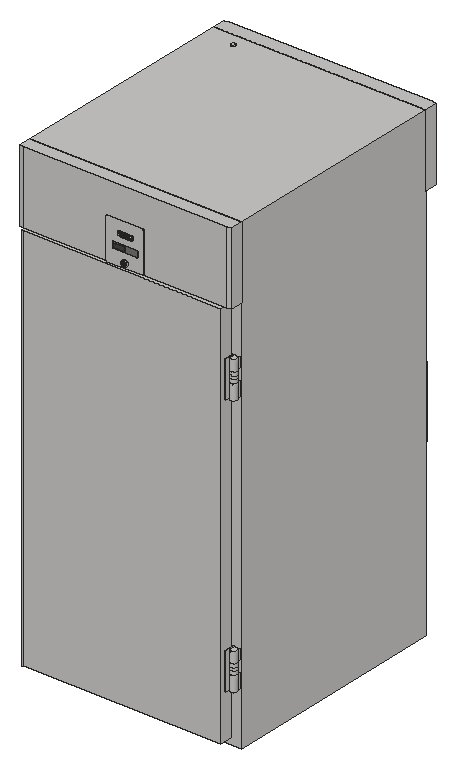
Revit family "QF_ZANUSSI_110887_ZRI16R2FGT", category Specialty Equipment, Revit 2018
Family settings
  Round Connector Dimension = Use Diameter
  Part Type = Normal
  Work Plane-Based = No
  Always vertical = Yes
  Cut with Voids When Loaded = No
  Shared = No
  Room Calculation Point = No
Parameters (values of type "Standard")
  Weight = 220.00 kg
  Watts = 46.4515 W
  Volts = 220 V
  URL Manufacturer = "http://www.zanussiprofessional.com"
  URL = "http://www.zanussiprofessional.com"
  Steam Supply Size = 0 mm
  Steam Supply Minimum Pressure = 0.0 Pa
  Steam Supply Maximum Pressure = 0.0 Pa
  Steam Pounds per Hour = 0
  Refrigeration Suction Line Size = 0 mm
  Refrigeration Liquid Line Size = 0 mm
  Refrigerant Compressor Remote = yes
  Manufacturer = "Zanussi"
  Phase = 1
  Model = "ZRI16R2FGT"
  Length Actual = 1021 mm  # constant formula
  Item Number = "110887"
  Hot Water Size = 0 mm
  Height Actual = 2272 mm  # constant formula
  HP = "0.7 HP"
  Gas Size = 0 mm
  Gas KW = 0
  Gas Input Pressure = 0 W
  Description = "1+1-GLASS DOOR ROLL-THRU REFRIGERATOR 1600LT+2°C R290"
  Depth Actual = 1249 mm  # constant formula
  Cycle = 50 Hz
  Condensate Return Size = 0 mm
  Compressed Air Volume = 0.0 L/s
  Compressed Air Size = 0 mm
  Compressed Air Pressure = 0.0 Pa
  Cold Water Size = 0 mm
  Accessory = yes
Types (2, lengths in mm): name | URL | Manufacturer | Phase | Model | Description
  (no name) | 0 | 0 | 0 | 0 | 0
  Standard | "http://www.zanussiprofessional.com" | "Zanussi" | 1 | "ZRI16R2FGT" | "1+1-GLASS DOOR ROLL-THRU REFRIGERATOR 1600LT+2°C R290"
Values of the unnamed type that differ from the named types
  Watts = 0 W
  Volts = 0 V
  URL Manufacturer = ""
  Item Number = ""
  HP = ""
  Cycle = 0 Hz
Reference planes
  plane 1: z = 0
  plane 2 "Center (Left/Right)": x = 0
  plane 3 "TOP": z = 2273
  plane 4 "LEFT": x = -510.5
  plane 5 "RIGHT": x = 510.5
  plane 6 "FRONT": y = -624.5
  plane 7 "Center (Front/Back)": y = 0
  plane 8 "BACK": y = 624.5
Forms (mm)
  Extrusion 1, solid, material "QF_Finishes_Stainless Steel"
    sketch origin (0, 0, 0) x (1, 0, 0) y (0, 1, 0)
      loop
        line (-510.5, 552.5) -> (-510.5, -552.5) -> (510.5, -552.5) -> (510.5, 552.5) -> (-510.5, 552.5)
    from 0 to 2273
  Extrusion 2, solid, material "QF_Clearances", detail levels coarse
    sketch origin (0, 0, 0) x (1, 0, 0) y (0, 1, 0)
      loop
        line (-510.5, -624.5) -> (-510.5, 674.5) -> (-560.5, 674.5) -> (-560.5, -624.5) -> (-510.5, -624.5)
      loop
        line (510.5, 674.5) -> (510.5, -624.5) -> (560.5, -624.5) -> (560.5, 674.5) -> (510.5, 674.5)
    from 0 to 2273
  Extrusion 3, solid, material "QF_Clearances", detail levels coarse
    sketch origin (0, 0, 2273) x (-1, 0, 0) y (0, -1, 0)
      loop
        line (560.5, -674.5) -> (560.5, 624.5) -> (-560.5, 624.5) -> (-560.5, -674.5) -> (560.5, -674.5)
    from 0 to 500
  Extrusion 4, void
    sketch origin (0, 624.5, 0) x (-1, 0, 0) y (0, 0, 1)
      loop
        line (435, 1876.5) -> (-435, 1876.5) -> (-435, 16.5) -> (435, 16.5) -> (435, 1876.5)
    from -72 to -1177
  Extrusion 5, void
    sketch origin (0, 624.5, 0) x (-1, 0, 0) y (0, 0, 1)
      loop
        circle (-493.5, 1667.453) r 6
      loop
        circle (-493.5, 1647.453) r 6
      loop
        circle (-493.5, 1545.547) r 6
      loop
        circle (-493.5, 1525.547) r 6
      loop
        circle (-493.5, 407.816) r 6
      loop
        circle (-493.5, 387.816) r 6
      loop
        circle (-493.5, 285.911) r 6
      loop
        circle (-493.5, 265.911) r 6
    from -80 to -72
  Extrusion 6, solid, material "QF_Finishes_Stainless Steel"
    sketch origin (0, 0, 2273) x (-1, 0, 0) y (0, -1, 0)
      loop
        circle (364.5, -487.7) r 10
    from 2 to 0
Cuts and joins
  joined: Extrusion 2, Extrusion 3
  Extrusion 4, Extrusion 5 cuts Extrusion 1
Lines and regions (mm)
  symbolic lines, style "QF_Clearances", detail levels coarse
    curve 1: line (-510.5, -624.5, 2273) -> (-560.5, -624.5, 2273)
    curve 2: line (-560.5, -624.5, 2273) -> (-560.5, 624.5, 2273)
    curve 3: line (560.5, 624.5, 2273) -> (560.5, -624.5, 2273)
    curve 4: line (560.5, -624.5, 2273) -> (510.5, -624.5, 2273)
  symbolic lines, style "QF_Clearances"
    curve 5: line (-560.5, 624.5, 2273) -> (-510.5, 624.5, 2273)
    curve 6: line (510.5, 624.5, 2273) -> (560.5, 624.5, 2273)
Dimensions and locks
  equal spacing: plane 4 "LEFT", plane 2 "Center (Left/Right)", plane 5 "RIGHT"
  plane 4 "LEFT" to plane 5 "RIGHT" = 1021 mm
  plane 3 "TOP" to plane 1 = 2273 mm
  equal spacing: plane 5 "RIGHT", plane 2 "Center (Left/Right)", plane 4 "LEFT"
  cut or joined group of Extrusion 1, Extrusion 4, Extrusion 5 to cut or joined group of Extrusion 1, Extrusion 4, Extrusion 5 = 870 mm
  cut or joined group of Extrusion 2, Extrusion 3 to plane 3 "TOP" = 500 mm
  cut or joined group of Extrusion 2, Extrusion 3 to plane 4 "LEFT" = 50 mm
  cut or joined group of Extrusion 1, Extrusion 4, Extrusion 5 to cut or joined group of Extrusion 2, Extrusion 3 = 50 mm
  plane 5 "RIGHT" to plane 4 "LEFT" = 1021 mm
  equal spacing: plane 8 "BACK", plane 7 "Center (Front/Back)", plane 6 "FRONT"
  plane 8 "BACK" to plane 6 "FRONT" = 1249 mm
  nested 3 to nested 2 = 3108 mm
  aligned and locked: level to plane 1
Automatic sketch dimensions
  Extrusion 1 sketch curve to plane 4 "LEFT" = 0 mm
  Extrusion 1 sketch curve to plane 5 "RIGHT" = 0 mm
  Extrusion 3 sketch curve to Extrusion 3 sketch curve = 1121 mm
  Extrusion 2 sketch curve to plane 4 "LEFT" = 0 mm
  Extrusion 2 sketch curve to plane 5 "RIGHT" = 0 mm
  Extrusion 2 sketch curve to Extrusion 2 sketch curve = 50 mm  (x2)
  Extrusion 3 sketch curve to plane 5 "RIGHT" = 50 mm
  plane 6 "FRONT" to Extrusion 1 sketch curve = 72 mm
  Extrusion 1 sketch curve to Extrusion 1 sketch curve = 1105 mm
  Extrusion 2 sketch curve to plane 6 "FRONT" = 0 mm  (x2)
  Extrusion 2 sketch curve to Extrusion 2 sketch curve = 1299 mm
  Extrusion 2 sketch curve to Extrusion 2 sketch curve = 0 mm
  Extrusion 3 sketch curve to plane 6 "FRONT" = 0 mm
  Extrusion 3 sketch curve to Extrusion 3 sketch curve = 1299 mm
  level to Extrusion 4 sketch curve = 16.5 mm
  plane 4 "LEFT" to Extrusion 4 sketch curve = 75.5 mm
  Extrusion 4 sketch curve to plane 3 "TOP" = 396.5 mm
  Extrusion 6 sketch curve to plane 8 "BACK" = 136.8 mm
  plane 4 "LEFT" to Extrusion 6 sketch curve = 146 mm
  plane 5 "RIGHT" to Extrusion 5 sketch curve = 17 mm  (x8)
  level to Extrusion 5 sketch curve = 265.911 mm
  Extrusion 5 sketch curve to Extrusion 5 sketch curve = 20 mm  (x4)
  Extrusion 5 sketch curve to Extrusion 5 sketch curve = 101.905 mm  (x2)
  Extrusion 5 sketch curve to plane 3 "TOP" = 747.453 mm
  curve 4 to plane 6 "FRONT" = 0 mm
  curve 3 to plane 8 "BACK" = 0 mm
  curve 6 to plane 5 "RIGHT" = 0 mm
  curve 4 to plane 5 "RIGHT" = 0 mm
  curve 5 to plane 4 "LEFT" = 0 mm
  curve 1 to plane 4 "LEFT" = 0 mm
  curve 5 to plane 8 "BACK" = 0 mm
  curve 1 to plane 6 "FRONT" = 0 mm
  curve 3 to plane 5 "RIGHT" = 50 mm
  curve 5 to curve 5 = 50 mm
  plane 5 "RIGHT" to Extrusion 4 sketch curve = 75.5 mm
  radius of Extrusion 6 sketch curve = 10 mm
  radius of Extrusion 5 sketch curve = 6 mm  (x8)
Nested families
  nested 1: "Refrigerator" at (370, -442.5, 110), type "Refrigerator"
  nested 2: "QF_110887_GlassDoor" at (0, 552.5, 1129.637) x (-1, 0, 0) z (0, 1, 0), type "QF_110887_GlassDoor"
    with Show Clearance yes
  nested 3: "QF_110887_Door" at (0, -552.5, 1129.637) x (1, 0, 0) z (0, -1, 0), type "QF_110887_Door"
    with Show Clearance yes
Connectors
  electrical at (-364.5, 487.7, 2275), driven by "Volts"
    settings: on Extrusion 6, index 1, voltage 220 V, apparent load 0 VA, apparent load phase1 0 VA, apparent load phase2 0 VA, apparent load phase3 0 VA, power factor 1, load classification "Other", number of poles 1, system type 30, power factor state 1, is connector primary yes, connector utility no, sub classification motor no, connector description "Electrical Connection"
Definition of nested family "QF_110887_GlassDoor"
  Parameters
    Show Clearance [instance] = yes
    Model = "725102"
    Default Elevation = 1219.2 mm
  Reference planes
    plane 1 "Center (Front/Back)": y = 6.863
    plane 2: z = 0
    plane 3 "Center (Left/Right)": x = 0
  Forms (mm)
    Extrusion 1, solid
      sketch origin (0, -919.2, 0) x (1, 0, 0) y (0, 1, 0)
        loop
          line (-1100, 2726.7) -> (-1100, -663.873) -> (1016.701, -663.873) -> (1016.701, 2726.7) -> (-1100, 2726.7)
      from 0 to -59.546
    Extrusion 2, solid
      sketch origin (0, 6.863, 0) x (1, 0, 0) y (0, 0, 1)
        loop
          line (-510.5, 60.667) -> (-510.5, 0) -> (510.5, 0) -> (510.5, 60.667) -> (490.5, 66) -> (-490.5, 66) -> (-510.5, 60.667)
      from -1136.5 to -786.5
    Extrusion 3, solid
      sketch origin (0, 6.863, 0) x (1, 0, 0) y (0, 0, 1)
        loop
          line (-459.5, 0) -> (457.5, 0) -> (457.5, 8) -> (461.5, 8) -> (461.5, 53) -> (-463.5, 53) -> (-463.5, 8) -> (-459.5, 8) -> (-459.5, 0)
      from -775 to 1105
    Extrusion 4, solid, detail levels coarse
      sketch origin (154.5, 1013.369, -334) x (-1, 0, 0) y (0, 0, -1)
        loop
          line (-365, -352) -> (-365, -1314) -> (-312, -1314) -> (-312, -400) -> (-351, -400) -> (-351, -352) -> (-365, -352)
      from 2110.506 to 232.142
    Extrusion 5, solid, detail levels coarse
      sketch origin (171.5, 1121.732, -334) x (1, 0, 0) y (0, 0, 1)
        loop
          arc (295, 1314) -> (-326.335, 1017.414) -> (-631, 400) r 1051.534
          line (-631, 400) -> (295, 400) -> (295, 1314)
      from 2219.869 to 339.869
    Extrusion 6, solid
      sketch origin (-4, 6.863, 0) x (1, 0, 0) y (0, 0, 1)
        loop
          line (465.5, 46) -> (465.5, 0) -> (474.5, 0) -> (474.5, 46) -> (465.5, 46)
      from -550 to -375
    Extrusion 7, solid
      sketch origin (-4, 6.863, -15.333) x (1, 0, 0) y (0, 0, 1)
        loop
          arc (501.5, 23.843) -> (491.5, 52.333) -> (481.5, 23.843) r 16
          line (481.5, 23.843) -> (481.5, 15.333) -> (501.5, 15.333) -> (501.5, 23.843)
      from -500 to -550
    Extrusion 8, solid
      sketch origin (451.167, 6.863, 512.5) x (0, 0, -1) y (1, 0, 0)
        loop
          arc (501.5, 23.843) -> (491.5, 52.333) -> (481.5, 23.843) r 16
          line (481.5, 23.843) -> (481.5, 19.333) -> (501.5, 19.333) -> (501.5, 23.843)
      from -482 to -500
    Extrusion 9, solid
      sketch origin (-4, 6.863, -15.333) x (1, 0, 0) y (0, 0, 1)
        loop
          arc (501.5, 23.843) -> (491.5, 52.333) -> (481.5, 23.843) r 16
          line (481.5, 23.843) -> (481.5, 15.333) -> (501.5, 15.333) -> (501.5, 23.843)
      from -445 to -375
    Extrusion 10, solid
      sketch origin (451.167, 6.863, 512.5) x (0, 0, -1) y (1, 0, 0)
        loop
          arc (501.5, 23.843) -> (491.5, 52.333) -> (481.5, 23.843) r 16
          line (481.5, 23.843) -> (481.5, 19.333) -> (501.5, 19.333) -> (501.5, 23.843)
      from -469 to -482
    Extrusion 11, solid
      sketch origin (451.167, 6.863, 512.5) x (0, 0, -1) y (1, 0, 0)
        loop
          arc (501.5, 23.843) -> (491.5, 52.333) -> (481.5, 23.843) r 16
          line (481.5, 23.843) -> (481.5, 19.333) -> (501.5, 19.333) -> (501.5, 23.843)
      from -451 to -469
    Extrusion 12, solid
      sketch origin (-4, 6.863, 0) x (1, 0, 0) y (0, 0, 1)
        loop
          circle (491.5, 21) r 12
      from -451 to -445
    Extrusion 13, solid
      sketch origin (-4, -1252.773, 0) x (1, 0, 0) y (0, 0, 1)
        loop
          line (465.5, 46) -> (465.5, 0) -> (474.5, 0) -> (474.5, 46) -> (465.5, 46)
      from -550 to -375
    Extrusion 14, solid
      sketch origin (-4, -1252.773, -15.333) x (1, 0, 0) y (0, 0, 1)
        loop
          arc (501.5, 23.843) -> (491.5, 52.333) -> (481.5, 23.843) r 16
          line (481.5, 23.843) -> (481.5, 15.333) -> (501.5, 15.333) -> (501.5, 23.843)
      from -500 to -550
    Extrusion 15, solid
      sketch origin (451.167, -1252.773, 512.5) x (0, 0, -1) y (1, 0, 0)
        loop
          arc (501.5, 23.843) -> (491.5, 52.333) -> (481.5, 23.843) r 16
          line (481.5, 23.843) -> (481.5, 19.333) -> (501.5, 19.333) -> (501.5, 23.843)
      from -482 to -500
    Extrusion 16, solid
      sketch origin (-4, -1252.773, -15.333) x (1, 0, 0) y (0, 0, 1)
        loop
          arc (501.5, 23.843) -> (491.5, 52.333) -> (481.5, 23.843) r 16
          line (481.5, 23.843) -> (481.5, 15.333) -> (501.5, 15.333) -> (501.5, 23.843)
      from -445 to -375
    Extrusion 17, solid
      sketch origin (451.167, -1252.773, 512.5) x (0, 0, -1) y (1, 0, 0)
        loop
          arc (501.5, 23.843) -> (491.5, 52.333) -> (481.5, 23.843) r 16
          line (481.5, 23.843) -> (481.5, 19.333) -> (501.5, 19.333) -> (501.5, 23.843)
      from -469 to -482
    Extrusion 18, solid
      sketch origin (451.167, -1252.773, 512.5) x (0, 0, -1) y (1, 0, 0)
        loop
          arc (501.5, 23.843) -> (491.5, 52.333) -> (481.5, 23.843) r 16
          line (481.5, 23.843) -> (481.5, 19.333) -> (501.5, 19.333) -> (501.5, 23.843)
      from -451 to -469
    Extrusion 19, solid
      sketch origin (-4, -1252.773, 0) x (1, 0, 0) y (0, 0, 1)
        loop
          circle (491.5, 21) r 12
      from -451 to -445
    Extrusion 20, void
      sketch origin (0, 0, 0) x (1, 0, 0) y (0, 1, 0)
        loop
          line (-428.5, 746.863) -> (-428.5, -1063.137) -> (426.5, -1063.137) -> (426.5, 746.863) -> (-428.5, 746.863)
      from 0 to 66
    Extrusion 21, solid
      sketch origin (0, 0, 0) x (1, 0, 0) y (0, 1, 0)
        loop
          line (-428.5, 746.863) -> (-428.5, -1063.137) -> (426.5, -1063.137) -> (426.5, 746.863) -> (-428.5, 746.863)
      from 53 to 43
    Extrusion 22, solid
      sketch origin (0, -36.965, 0) x (0, 1, 0) y (0, 0, 1)
        loop
          line (43.082, 67.001) -> (-300.013, 67.001) -> (-300.759, 65.401) -> (43.829, 65.401) -> (43.082, 67.001)
      from -463.5 to -443.177
    Extrusion 23, void
      sketch origin (0, -36.965, 0) x (0, 1, 0) y (0, 0, 1)
        loop
          line (61.535, 13.875) -> (61.535, 48.875) -> (51.535, 48.875) -> (43.082, 67.001) -> (-300.013, 67.001) -> (-308.465, 48.875) -> (-318.465, 48.875) -> (-318.465, 13.875) -> (61.535, 13.875)
      from -459.5 to -463.5
    Extrusion 24, solid
      sketch origin (0, -36.965, 0) x (0, 1, 0) y (0, 0, 1)
        loop
          line (51.535, 48.875) -> (43.082, 67.001) -> (-300.013, 67.001) -> (-308.465, 48.875) -> (-318.465, 48.875) -> (-318.465, 13.875) -> (61.535, 13.875) -> (61.535, 48.875) -> (51.535, 48.875)
        loop
          circle (-273.41, 32.257) r 5.995
        loop
          circle (-273.41, 32.257) r 5
        loop
          circle (11.59, 32.257) r 6
        loop
          circle (11.59, 32.257) r 5
      from -463.5 to -459.5
    Extrusion 25, solid
      sketch origin (0, 0, 0) x (1, 0, 0) y (0, 1, 0)
        loop
          circle (-493.5, -721.821) r 6
        loop
          circle (-493.5, -741.821) r 6
        loop
          circle (-493.5, -863.726) r 6
        loop
          circle (-493.5, -843.726) r 6
      from -4 to -8
    Extrusion 26, solid
      sketch origin (0, 1259.637, 0) x (1, 0, 0) y (0, 1, 0)
        loop
          circle (-493.5, -721.821) r 6
        loop
          circle (-493.5, -741.821) r 6
        loop
          circle (-493.5, -863.726) r 6
        loop
          circle (-493.5, -843.726) r 6
      from -4 to -8
  Cuts and joins
    Extrusion 20, Extrusion 23 cuts Extrusion 3
    Extrusion 20 cuts Extrusion 5
    Extrusion 23 cuts Extrusion 21
    Extrusion 23 cuts Extrusion 22
    joined: Extrusion 22, Extrusion 24
  Lines and regions (mm)
    symbolic lines
      curve 1: line (-510.5, 6.863, 0) -> (-510.5, 6.863, 60.667)
      curve 2: line (510.5, 6.863, 0) -> (-510.5, 6.863, 0)
      curve 3: line (519.5, 6.863, 18) -> (519.5, 6.863, 980)
      curve 4: line (510.5, 6.863, 18) -> (519.5, 6.863, 18)
      curve 5: line (-490.5, 6.863, 66) -> (-510.5, 6.863, 60.667)
      curve 6: line (490.5, 6.863, 66) -> (-490.5, 6.863, 66)
      curve 7: line (510.5, 6.863, 60.667) -> (490.5, 6.863, 66)
      curve 8: line (510.5, 6.863, 60.667) -> (510.5, 6.863, 0)
      curve 9: line (466.5, 6.863, 66) -> (466.5, 6.863, 977)
      curve 10: line (519.5, 6.863, 980) -> (466.5, 6.863, 980)
      curve 11: arc (466.5, 6.863, 980) -> (-154.835, 6.863, 683.414) -> (-459.5, 6.863, 66) r 1051.534
  Dimensions and locks
    aligned and locked: plane 2 to Extrusion 1
    aligned and locked: level to Extrusion 1
  Nested families
    nested 1: "QF_DisplayNewRollCabinets_ZAN" at (0, 893.363, 66), type "QF_DisplayNewRollCabinets_ZAN"
      with Show Clearance yes
  Definition of nested family "QF_DisplayNewRollCabinets_ZAN"
    Parameters
      Show Clearance [instance] = yes
      Model = "728658"
      Default Elevation = 1219.2 mm
    Reference planes
      plane 1 "Center (Front/Back)": y = 0
      plane 2: z = 0
      plane 3 "Center (Left/Right)": x = 0
    Forms (mm)
      Extrusion 1, solid
        sketch origin (0, -919.2, 0) x (1, 0, 0) y (0, 1, 0)
          loop
            line (-198.75, 1146.2) -> (-198.75, 709.567) -> (165.741, 709.567) -> (165.741, 1146.2) -> (-198.75, 1146.2)
        from 0 to -59.546
      Extrusion 2, solid
        sketch origin (-59, -79.611, 0) x (0, 1, 0) y (-1, 0, 0)
          loop
            circle (0.611, -59) r 14
          loop
            circle (0.611, -59) r 10
        from 1.6 to 6
      Extrusion 3, solid
        sketch origin (744.635, 285.889, 0) x (0, 1, 0) y (-1, 0, 0)
          loop
            circle (-364.889, 744.635) r 10
          loop
            circle (-364.889, 744.635) r 9
        from 1.6 to 6
      Extrusion 4, solid
        sketch origin (744.635, 285.889, 0) x (0, 1, 0) y (-1, 0, 0)
          loop
            circle (-364.889, 744.635) r 8.7
        from 1.6 to 6
      Extrusion 5, void
        sketch origin (744.635, 285.889, 0) x (0, 1, 0) y (-1, 0, 0)
          loop
            line (-372.339, 745.885) -> (-372.339, 743.385) -> (-362.339, 743.385) -> (-362.339, 745.885) -> (-372.339, 745.885)
        from 3 to 7
      Extrusion 6, solid
        sketch origin (0, 0, 0) x (1, 0, 0) y (0, 1, 0)
          loop
            arc (-90, -95) -> (-88.536, -98.536) -> (-85, -100) r 5
            line (-85, -100) -> (85, -100)
            arc (85, -100) -> (88.536, -98.536) -> (90, -95) r 5
            line (90, -95) -> (90, 95)
            arc (90, 95) -> (88.536, 98.536) -> (85, 100) r 5
            line (85, 100) -> (-85, 100)
            arc (-85, 100) -> (-88.536, 98.536) -> (-90, 95) r 5
            line (-90, 95) -> (-90, -95)
          loop
            line (-60, -3.798) -> (-60, -32.827) -> (60, -32.827) -> (60, -3.798) -> (-60, -3.798)
        from 0 to 1.6
      Extrusion 7, solid
        sketch origin (0, 0, 0) x (1, 0, 0) y (0, 1, 0)
          loop
            line (-60, -3.798) -> (-60, -32.827) -> (60, -32.827) -> (60, -3.798) -> (-60, -3.798)
          loop
            line (-56.428, -8.037) -> (-56.428, -28.331) -> (0, -28.331) -> (0, -8.037) -> (-56.428, -8.037)
        from 0 to 1.6
      Extrusion 8, solid
        sketch origin (0, 0, 0) x (1, 0, 0) y (0, 1, 0)
          loop
            line (-56.428, -8.037) -> (-56.428, -28.331) -> (0, -28.331) -> (0, -8.037) -> (-56.428, -8.037)
        from 0 to 1.6
      Extrusion 9, solid
        sketch origin (0, 15, 0) x (1, 0, 0) y (0, 1, 0)
          loop
            line (-24.658, 16.724) -> (-24.658, 20.689) -> (-30.605, 20.689) -> (-24.658, 32.81) -> (-24.658, 36.095) -> (-34.514, 36.095) -> (-34.514, 32.47) -> (-29.303, 32.583) -> (-34.967, 20.689) -> (-34.967, 16.724) -> (-24.658, 16.724)
          loop
            line (-18.968, 23.974) -> (-16.702, 23.974) -> (-17.835, 32.784) -> (-18.968, 23.974)
          loop
            line (-19.988, 16.724) -> (-19.421, 20.462) -> (-16.136, 20.462) -> (-15.57, 16.724) -> (-11.491, 16.724) -> (-15.116, 36.095) -> (-20.554, 36.095) -> (-24.066, 16.724) -> (-19.988, 16.724)
          loop
            line (-10.989, 36.095) -> (-10.989, 16.724) -> (-7.478, 16.724) -> (-7.478, 29.525) -> (-4.192, 16.724) -> (0.113, 16.724) -> (0.113, 36.095) -> (-3.512, 36.095) -> (-3.512, 23.747) -> (-6.798, 36.095) -> (-10.989, 36.095)
          loop
            arc (1.019, 21.515) -> (5.865, 16.692) -> (11.328, 20.802) r 5.22
            line (11.328, 20.802) -> (11.328, 36.095) -> (7.363, 36.095) -> (7.363, 21.708)
            arc (7.363, 21.708) -> (6.321, 20.507) -> (4.984, 21.368) r 1.214
            line (4.984, 21.368) -> (4.984, 36.095) -> (1.019, 36.095) -> (1.019, 21.515)
          loop
            line (18.691, 29.978) -> (22.43, 29.978) -> (22.491, 31.739)
            arc (22.491, 31.739) -> (22.231, 33.702) -> (20.999, 35.254) r 3.719
            arc (20.999, 35.254) -> (17.381, 36.433) -> (13.762, 35.254) r 6.139
            arc (13.762, 35.254) -> (12.287, 32.389) -> (12.47, 29.172) r 6.125
            arc (12.47, 29.172) -> (13.682, 27.393) -> (15.169, 25.838) r 13.068
            line (15.169, 25.838) -> (16.84, 24.357)
            arc (16.84, 24.357) -> (17.826, 23.519) -> (18.593, 22.477) r 5.571
            arc (18.593, 22.477) -> (18.403, 20.654) -> (16.617, 20.247) r 1.573
            arc (16.617, 20.247) -> (16.079, 20.792) -> (15.849, 21.521) r 1.631
            arc (15.849, 21.521) -> (15.831, 22.035) -> (15.849, 22.549) r 7.441
            arc (15.849, 22.549) -> (15.866, 23.035) -> (15.849, 23.521) r 7.03
            line (15.849, 23.521) -> (11.894, 23.521)
            arc (11.894, 23.521) -> (11.932, 20.748) -> (13.025, 18.199) r 7.131
            arc (13.025, 18.199) -> (18.19, 16.728) -> (22.54, 19.877) r 6.148
            arc (22.54, 19.877) -> (22.619, 23.128) -> (21.224, 26.067) r 7.021
            line (21.224, 26.067) -> (16.879, 29.978)
            arc (16.879, 29.978) -> (16.291, 30.717) -> (15.976, 31.606) r 2.858
            arc (15.976, 31.606) -> (17.094, 33.203) -> (18.691, 32.085) r 1.379
            line (18.691, 32.085) -> (18.691, 29.978)
          loop
            line (29.989, 29.978) -> (33.728, 29.978) -> (33.789, 31.739)
            arc (33.789, 31.739) -> (33.529, 33.702) -> (32.297, 35.254) r 3.719
            arc (32.297, 35.254) -> (28.679, 36.433) -> (25.061, 35.254) r 6.139
            arc (25.061, 35.254) -> (23.585, 32.389) -> (23.768, 29.172) r 6.125
            arc (23.768, 29.172) -> (24.98, 27.393) -> (26.468, 25.838) r 13.068
            line (26.468, 25.838) -> (28.138, 24.357)
            arc (28.138, 24.357) -> (29.125, 23.519) -> (29.892, 22.477) r 5.571
            arc (29.892, 22.477) -> (29.702, 20.654) -> (27.915, 20.247) r 1.573
            arc (27.915, 20.247) -> (27.378, 20.792) -> (27.147, 21.521) r 1.631
            arc (27.147, 21.521) -> (27.13, 22.035) -> (27.147, 22.549) r 7.441
            arc (27.147, 22.549) -> (27.164, 23.035) -> (27.147, 23.521) r 7.03
            line (27.147, 23.521) -> (23.192, 23.521)
            arc (23.192, 23.521) -> (23.231, 20.748) -> (24.324, 18.199) r 7.131
            arc (24.324, 18.199) -> (29.488, 16.728) -> (33.838, 19.877) r 6.148
            arc (33.838, 19.877) -> (33.917, 23.128) -> (32.523, 26.067) r 7.021
            line (32.523, 26.067) -> (28.177, 29.978)
            arc (28.177, 29.978) -> (27.589, 30.717) -> (27.274, 31.606) r 2.858
            arc (27.274, 31.606) -> (28.393, 33.203) -> (29.989, 32.085) r 1.379
            line (29.989, 32.085) -> (29.989, 29.978)
          loop
            line (34.551, 36.095) -> (34.551, 16.724) -> (38.516, 16.724) -> (38.516, 36.095) -> (34.551, 36.095)
        from 1.6 to 3.2
      Extrusion 10, solid
        sketch origin (0, 0, 0) x (1, 0, 0) y (0, 1, 0)
          loop
            line (1.25, -86.45) -> (1.25, -76.45) -> (-1.25, -76.45) -> (-1.25, -86.45) -> (1.25, -86.45)
        from 1.6 to 6
    Cuts and joins
      Extrusion 5 cuts Extrusion 4
    Lines and regions (mm)
      symbolic lines
        curve 1: line (52.518, 0, 4) -> (-53.037, 0, 4)
        curve 2: line (40, 0, 4) -> (40, 0, 6)
        curve 3: line (40, 0, 6) -> (-40, 0, 6)
        curve 4: line (-40, 0, 6) -> (-40, 0, 4)
        curve 5: line (-64.765, 0, 0) -> (-53.037, 0, 4)
        curve 6: line (52.518, 0, 4) -> (64.135, 0, 0)
    Dimensions and locks
      aligned and locked: plane 2 to Extrusion 1
      aligned and locked: level to Extrusion 1
Definition of nested family "QF_110887_Door"
  Parameters
    Show Clearance [instance] = yes
    Model = "725103"
    Default Elevation = 1219.2 mm
  Reference planes
    plane 1 "Center (Front/Back)": y = 6.863
    plane 2: z = 0
    plane 3 "Center (Left/Right)": x = 0
  Forms (mm)
    Extrusion 1, solid
      sketch origin (0, -919.2, 0) x (1, 0, 0) y (0, 1, 0)
        loop
          line (-1100, 2726.7) -> (-1100, -663.873) -> (1016.701, -663.873) -> (1016.701, 2726.7) -> (-1100, 2726.7)
      from 0 to -59.546
    Extrusion 2, solid
      sketch origin (0, 6.863, 0) x (1, 0, 0) y (0, 0, 1)
        loop
          line (-510.5, 60.667) -> (-510.5, 0) -> (510.5, 0) -> (510.5, 60.667) -> (490.5, 66) -> (-490.5, 66) -> (-510.5, 60.667)
      from -1136.5 to -786.5
    Extrusion 3, solid
      sketch origin (0, 6.863, 0) x (1, 0, 0) y (0, 0, 1)
        loop
          line (-498.5, 26) -> (-483.5, 26) -> (-483.5, 8) -> (-465.5, 8) -> (-465.5, 0) -> (457.5, 0) -> (457.5, 8) -> (461.5, 8) -> (461.5, 66) -> (-490.5, 66) -> (-498.5, 63.867) -> (-498.5, 26)
      from -775 to 1105
    Extrusion 4, solid, detail levels coarse
      sketch origin (154.5, 1013.369, -334) x (-1, 0, 0) y (0, 0, -1)
        loop
          line (-367, -352) -> (-367, -1357) -> (-329, -1357) -> (-329, -1332) -> (-311, -1332) -> (-311, -1314) -> (-303, -1314) -> (-303, -400) -> (-351, -400) -> (-351, -352) -> (-367, -352)
      from 2110.506 to 232.142
    Extrusion 5, solid, detail levels coarse
      sketch origin (171.5, 1121.732, -334) x (1, 0, 0) y (0, 0, 1)
        loop
          line (286, 400) -> (286, 1314) -> (294, 1314) -> (294, 1332) -> (312, 1332) -> (312, 1357)
          arc (312, 1357) -> (-374.716, 1077.143) -> (-677, 400) r 994.692
          line (-677, 400) -> (286, 400)
      from 2219.869 to 339.869
    Extrusion 6, solid
      sketch origin (-4, 6.863, 0) x (1, 0, 0) y (0, 0, 1)
        loop
          line (465.5, 46) -> (465.5, 0) -> (474.5, 0) -> (474.5, 46) -> (465.5, 46)
      from -550 to -375
    Extrusion 7, solid
      sketch origin (-4, 6.863, -15.333) x (1, 0, 0) y (0, 0, 1)
        loop
          arc (501.5, 23.843) -> (491.5, 52.333) -> (481.5, 23.843) r 16
          line (481.5, 23.843) -> (481.5, 15.333) -> (501.5, 15.333) -> (501.5, 23.843)
      from -500 to -550
    Extrusion 8, solid
      sketch origin (451.167, 6.863, 512.5) x (0, 0, -1) y (1, 0, 0)
        loop
          arc (501.5, 23.843) -> (491.5, 52.333) -> (481.5, 23.843) r 16
          line (481.5, 23.843) -> (481.5, 19.333) -> (501.5, 19.333) -> (501.5, 23.843)
      from -482 to -500
    Extrusion 9, solid
      sketch origin (-4, 6.863, -15.333) x (1, 0, 0) y (0, 0, 1)
        loop
          arc (501.5, 23.843) -> (491.5, 52.333) -> (481.5, 23.843) r 16
          line (481.5, 23.843) -> (481.5, 15.333) -> (501.5, 15.333) -> (501.5, 23.843)
      from -445 to -375
    Extrusion 10, solid
      sketch origin (451.167, 6.863, 512.5) x (0, 0, -1) y (1, 0, 0)
        loop
          arc (501.5, 23.843) -> (491.5, 52.333) -> (481.5, 23.843) r 16
          line (481.5, 23.843) -> (481.5, 19.333) -> (501.5, 19.333) -> (501.5, 23.843)
      from -469 to -482
    Extrusion 11, solid
      sketch origin (451.167, 6.863, 512.5) x (0, 0, -1) y (1, 0, 0)
        loop
          arc (501.5, 23.843) -> (491.5, 52.333) -> (481.5, 23.843) r 16
          line (481.5, 23.843) -> (481.5, 19.333) -> (501.5, 19.333) -> (501.5, 23.843)
      from -451 to -469
    Extrusion 12, solid
      sketch origin (-4, 6.863, 0) x (1, 0, 0) y (0, 0, 1)
        loop
          circle (491.5, 21) r 12
      from -451 to -445
    Extrusion 13, solid
      sketch origin (-4, -1252.773, 0) x (1, 0, 0) y (0, 0, 1)
        loop
          line (465.5, 46) -> (465.5, 0) -> (474.5, 0) -> (474.5, 46) -> (465.5, 46)
      from -550 to -375
    Extrusion 14, solid
      sketch origin (-4, -1252.773, -15.333) x (1, 0, 0) y (0, 0, 1)
        loop
          arc (501.5, 23.843) -> (491.5, 52.333) -> (481.5, 23.843) r 16
          line (481.5, 23.843) -> (481.5, 15.333) -> (501.5, 15.333) -> (501.5, 23.843)
      from -500 to -550
    Extrusion 15, solid
      sketch origin (451.167, -1252.773, 512.5) x (0, 0, -1) y (1, 0, 0)
        loop
          arc (501.5, 23.843) -> (491.5, 52.333) -> (481.5, 23.843) r 16
          line (481.5, 23.843) -> (481.5, 19.333) -> (501.5, 19.333) -> (501.5, 23.843)
      from -482 to -500
    Extrusion 16, solid
      sketch origin (-4, -1252.773, -15.333) x (1, 0, 0) y (0, 0, 1)
        loop
          arc (501.5, 23.843) -> (491.5, 52.333) -> (481.5, 23.843) r 16
          line (481.5, 23.843) -> (481.5, 15.333) -> (501.5, 15.333) -> (501.5, 23.843)
      from -445 to -375
    Extrusion 17, solid
      sketch origin (451.167, -1252.773, 512.5) x (0, 0, -1) y (1, 0, 0)
        loop
          arc (501.5, 23.843) -> (491.5, 52.333) -> (481.5, 23.843) r 16
          line (481.5, 23.843) -> (481.5, 19.333) -> (501.5, 19.333) -> (501.5, 23.843)
      from -469 to -482
    Extrusion 18, solid
      sketch origin (451.167, -1252.773, 512.5) x (0, 0, -1) y (1, 0, 0)
        loop
          arc (501.5, 23.843) -> (491.5, 52.333) -> (481.5, 23.843) r 16
          line (481.5, 23.843) -> (481.5, 19.333) -> (501.5, 19.333) -> (501.5, 23.843)
      from -451 to -469
    Extrusion 19, solid
      sketch origin (-4, -1252.773, 0) x (1, 0, 0) y (0, 0, 1)
        loop
          circle (491.5, 21) r 12
      from -451 to -445
  Lines and regions (mm)
    symbolic lines
      curve 1: line (-510.5, 6.863, 0) -> (-510.5, 6.863, 60.667)
      curve 2: line (510.5, 6.863, 0) -> (-510.5, 6.863, 0)
      curve 3: line (521.5, 6.863, 18) -> (521.5, 6.863, 1023)
      curve 4: line (457.5, 6.863, 66) -> (457.5, 6.863, 980)
      curve 5: line (521.5, 6.863, 1023) -> (483.5, 6.863, 1023)
      curve 6: line (483.5, 6.863, 998) -> (483.5, 6.863, 1020)
      curve 7: line (465.5, 6.863, 998) -> (483.5, 6.863, 998)
      curve 8: line (465.5, 6.863, 980) -> (465.5, 6.863, 998)
      curve 9: line (457.5, 6.863, 980) -> (465.5, 6.863, 980)
      curve 10: line (510.5, 6.863, 18) -> (521.5, 6.863, 18)
      curve 11: line (-490.5, 6.863, 66) -> (-510.5, 6.863, 60.667)
      curve 12: line (490.5, 6.863, 66) -> (-490.5, 6.863, 66)
      curve 13: line (510.5, 6.863, 60.667) -> (490.5, 6.863, 66)
      curve 14: line (510.5, 6.863, 60.667) -> (510.5, 6.863, 0)
      curve 15: arc (483.5, 6.863, 1023) -> (-203.216, 6.863, 743.143) -> (-505.5, 6.863, 66) r 994.692
  Dimensions and locks
    aligned and locked: plane 2 to Extrusion 1
    aligned and locked: level to Extrusion 1
  Nested families
    nested 1: "QF_DisplayNewRollCabinets_ZAN" at (0, 893.363, 66), type "QF_DisplayNewRollCabinets_ZAN"
      with Show Clearance yes
  Definition of nested family "QF_DisplayNewRollCabinets_ZAN"
    Parameters
      Show Clearance [instance] = yes
      Model = "728658"
      Default Elevation = 1219.2 mm
    Reference planes
      plane 1 "Center (Front/Back)": y = 0
      plane 2: z = 0
      plane 3 "Center (Left/Right)": x = 0
    Forms (mm)
      Extrusion 1, solid
        sketch origin (0, -919.2, 0) x (1, 0, 0) y (0, 1, 0)
          loop
            line (-198.75, 1146.2) -> (-198.75, 709.567) -> (165.741, 709.567) -> (165.741, 1146.2) -> (-198.75, 1146.2)
        from 0 to -59.546
      Extrusion 2, solid
        sketch origin (-59, -79.611, 0) x (0, 1, 0) y (-1, 0, 0)
          loop
            circle (0.611, -59) r 14
          loop
            circle (0.611, -59) r 10
        from 1.6 to 6
      Extrusion 3, solid
        sketch origin (744.635, 285.889, 0) x (0, 1, 0) y (-1, 0, 0)
          loop
            circle (-364.889, 744.635) r 10
          loop
            circle (-364.889, 744.635) r 9
        from 1.6 to 6
      Extrusion 4, solid
        sketch origin (744.635, 285.889, 0) x (0, 1, 0) y (-1, 0, 0)
          loop
            circle (-364.889, 744.635) r 8.7
        from 1.6 to 6
      Extrusion 5, void
        sketch origin (744.635, 285.889, 0) x (0, 1, 0) y (-1, 0, 0)
          loop
            line (-372.339, 745.885) -> (-372.339, 743.385) -> (-362.339, 743.385) -> (-362.339, 745.885) -> (-372.339, 745.885)
        from 3 to 7
      Extrusion 6, solid
        sketch origin (0, 0, 0) x (1, 0, 0) y (0, 1, 0)
          loop
            arc (-90, -95) -> (-88.536, -98.536) -> (-85, -100) r 5
            line (-85, -100) -> (85, -100)
            arc (85, -100) -> (88.536, -98.536) -> (90, -95) r 5
            line (90, -95) -> (90, 95)
            arc (90, 95) -> (88.536, 98.536) -> (85, 100) r 5
            line (85, 100) -> (-85, 100)
            arc (-85, 100) -> (-88.536, 98.536) -> (-90, 95) r 5
            line (-90, 95) -> (-90, -95)
          loop
            line (-60, -3.798) -> (-60, -32.827) -> (60, -32.827) -> (60, -3.798) -> (-60, -3.798)
        from 0 to 1.6
      Extrusion 7, solid
        sketch origin (0, 0, 0) x (1, 0, 0) y (0, 1, 0)
          loop
            line (-60, -3.798) -> (-60, -32.827) -> (60, -32.827) -> (60, -3.798) -> (-60, -3.798)
          loop
            line (-56.428, -8.037) -> (-56.428, -28.331) -> (0, -28.331) -> (0, -8.037) -> (-56.428, -8.037)
        from 0 to 1.6
      Extrusion 8, solid
        sketch origin (0, 0, 0) x (1, 0, 0) y (0, 1, 0)
          loop
            line (-56.428, -8.037) -> (-56.428, -28.331) -> (0, -28.331) -> (0, -8.037) -> (-56.428, -8.037)
        from 0 to 1.6
      Extrusion 9, solid
        sketch origin (0, 15, 0) x (1, 0, 0) y (0, 1, 0)
          loop
            line (-24.658, 16.724) -> (-24.658, 20.689) -> (-30.605, 20.689) -> (-24.658, 32.81) -> (-24.658, 36.095) -> (-34.514, 36.095) -> (-34.514, 32.47) -> (-29.303, 32.583) -> (-34.967, 20.689) -> (-34.967, 16.724) -> (-24.658, 16.724)
          loop
            line (-18.968, 23.974) -> (-16.702, 23.974) -> (-17.835, 32.784) -> (-18.968, 23.974)
          loop
            line (-19.988, 16.724) -> (-19.421, 20.462) -> (-16.136, 20.462) -> (-15.57, 16.724) -> (-11.491, 16.724) -> (-15.116, 36.095) -> (-20.554, 36.095) -> (-24.066, 16.724) -> (-19.988, 16.724)
          loop
            line (-10.989, 36.095) -> (-10.989, 16.724) -> (-7.478, 16.724) -> (-7.478, 29.525) -> (-4.192, 16.724) -> (0.113, 16.724) -> (0.113, 36.095) -> (-3.512, 36.095) -> (-3.512, 23.747) -> (-6.798, 36.095) -> (-10.989, 36.095)
          loop
            arc (1.019, 21.515) -> (5.865, 16.692) -> (11.328, 20.802) r 5.22
            line (11.328, 20.802) -> (11.328, 36.095) -> (7.363, 36.095) -> (7.363, 21.708)
            arc (7.363, 21.708) -> (6.321, 20.507) -> (4.984, 21.368) r 1.214
            line (4.984, 21.368) -> (4.984, 36.095) -> (1.019, 36.095) -> (1.019, 21.515)
          loop
            line (18.691, 29.978) -> (22.43, 29.978) -> (22.491, 31.739)
            arc (22.491, 31.739) -> (22.231, 33.702) -> (20.999, 35.254) r 3.719
            arc (20.999, 35.254) -> (17.381, 36.433) -> (13.762, 35.254) r 6.139
            arc (13.762, 35.254) -> (12.287, 32.389) -> (12.47, 29.172) r 6.125
            arc (12.47, 29.172) -> (13.682, 27.393) -> (15.169, 25.838) r 13.068
            line (15.169, 25.838) -> (16.84, 24.357)
            arc (16.84, 24.357) -> (17.826, 23.519) -> (18.593, 22.477) r 5.571
            arc (18.593, 22.477) -> (18.403, 20.654) -> (16.617, 20.247) r 1.573
            arc (16.617, 20.247) -> (16.079, 20.792) -> (15.849, 21.521) r 1.631
            arc (15.849, 21.521) -> (15.831, 22.035) -> (15.849, 22.549) r 7.441
            arc (15.849, 22.549) -> (15.866, 23.035) -> (15.849, 23.521) r 7.03
            line (15.849, 23.521) -> (11.894, 23.521)
            arc (11.894, 23.521) -> (11.932, 20.748) -> (13.025, 18.199) r 7.131
            arc (13.025, 18.199) -> (18.19, 16.728) -> (22.54, 19.877) r 6.148
            arc (22.54, 19.877) -> (22.619, 23.128) -> (21.224, 26.067) r 7.021
            line (21.224, 26.067) -> (16.879, 29.978)
            arc (16.879, 29.978) -> (16.291, 30.717) -> (15.976, 31.606) r 2.858
            arc (15.976, 31.606) -> (17.094, 33.203) -> (18.691, 32.085) r 1.379
            line (18.691, 32.085) -> (18.691, 29.978)
          loop
            line (29.989, 29.978) -> (33.728, 29.978) -> (33.789, 31.739)
            arc (33.789, 31.739) -> (33.529, 33.702) -> (32.297, 35.254) r 3.719
            arc (32.297, 35.254) -> (28.679, 36.433) -> (25.061, 35.254) r 6.139
            arc (25.061, 35.254) -> (23.585, 32.389) -> (23.768, 29.172) r 6.125
            arc (23.768, 29.172) -> (24.98, 27.393) -> (26.468, 25.838) r 13.068
            line (26.468, 25.838) -> (28.138, 24.357)
            arc (28.138, 24.357) -> (29.125, 23.519) -> (29.892, 22.477) r 5.571
            arc (29.892, 22.477) -> (29.702, 20.654) -> (27.915, 20.247) r 1.573
            arc (27.915, 20.247) -> (27.378, 20.792) -> (27.147, 21.521) r 1.631
            arc (27.147, 21.521) -> (27.13, 22.035) -> (27.147, 22.549) r 7.441
            arc (27.147, 22.549) -> (27.164, 23.035) -> (27.147, 23.521) r 7.03
            line (27.147, 23.521) -> (23.192, 23.521)
            arc (23.192, 23.521) -> (23.231, 20.748) -> (24.324, 18.199) r 7.131
            arc (24.324, 18.199) -> (29.488, 16.728) -> (33.838, 19.877) r 6.148
            arc (33.838, 19.877) -> (33.917, 23.128) -> (32.523, 26.067) r 7.021
            line (32.523, 26.067) -> (28.177, 29.978)
            arc (28.177, 29.978) -> (27.589, 30.717) -> (27.274, 31.606) r 2.858
            arc (27.274, 31.606) -> (28.393, 33.203) -> (29.989, 32.085) r 1.379
            line (29.989, 32.085) -> (29.989, 29.978)
          loop
            line (34.551, 36.095) -> (34.551, 16.724) -> (38.516, 16.724) -> (38.516, 36.095) -> (34.551, 36.095)
        from 1.6 to 3.2
      Extrusion 10, solid
        sketch origin (0, 0, 0) x (1, 0, 0) y (0, 1, 0)
          loop
            line (1.25, -86.45) -> (1.25, -76.45) -> (-1.25, -76.45) -> (-1.25, -86.45) -> (1.25, -86.45)
        from 1.6 to 6
    Cuts and joins
      Extrusion 5 cuts Extrusion 4
    Lines and regions (mm)
      symbolic lines
        curve 1: line (52.518, 0, 4) -> (-53.037, 0, 4)
        curve 2: line (40, 0, 4) -> (40, 0, 6)
        curve 3: line (40, 0, 6) -> (-40, 0, 6)
        curve 4: line (-40, 0, 6) -> (-40, 0, 4)
        curve 5: line (-64.765, 0, 0) -> (-53.037, 0, 4)
        curve 6: line (52.518, 0, 4) -> (64.135, 0, 0)
    Dimensions and locks
      aligned and locked: plane 2 to Extrusion 1
      aligned and locked: level to Extrusion 1
Definition of nested family "Refrigerator"
  Reference planes
    plane 1 "Center (Front/Back)": y = 0
    plane 2: z = 0
    plane 3 "Center (Left/Right)": x = 0
  Lines and regions (mm)
    detail lines, in view "Ref. Level"
      curve 1: spline (-500, 190, 0) -> (-493.185, 166.706, 0) -> (-473.205, 145, 0) -> (-441.421, 126.36, 0) -> (-400, 112.058, 0) -> (-351.764, 103.067, 0) -> (-300, 100, 0) -> (-248.236, 103.067, 0) -> (-200, 112.058, 0) -> (-158.579, 126.36, 0) -> (-126.795, 145, 0) -> (-106.815, 166.706, 0) -> (-100, 190, 0) -> (-106.815, 213.294, 0) -> (-126.795, 235, 0) -> (-158.579, 253.64, 0) -> (-200, 267.942, 0) -> (-248.236, 276.933, 0) -> (-300, 280, 0) -> (-351.764, 276.933, 0) -> (-400, 267.942, 0) -> (-441.421, 253.64, 0) -> (-473.205, 235, 0) -> (-493.185, 213.294, 0) -> (-500, 190, 0)
      curve 2: line (-300, 130, 0) -> (-300, 250, 0)
      curve 3: line (-351.962, 220, 0) -> (-248.038, 160, 0)
      curve 4: line (-351.962, 160, 0) -> (-248.038, 220, 0)
      curve 5: line (-280.884, 246.873, 0) -> (-300, 225, 0)
      curve 6: line (-300, 225, 0) -> (-319.116, 246.873, 0)
      curve 7: line (-330.311, 207.5, 0) -> (-339.696, 234.992, 0)
      curve 8: line (-358.812, 201.882, 0) -> (-330.311, 207.5, 0)
      curve 9: line (-330.311, 172.5, 0) -> (-358.812, 178.118, 0)
      curve 10: line (-339.696, 145.008, 0) -> (-330.311, 172.5, 0)
      curve 11: line (-300, 155, 0) -> (-319.116, 133.127, 0)
      curve 12: line (-280.884, 133.127, 0) -> (-300, 155, 0)
      curve 13: line (-269.689, 172.5, 0) -> (-260.304, 145.008, 0)
      curve 14: line (-241.188, 178.118, 0) -> (-269.689, 172.5, 0)
      curve 15: line (-269.689, 207.5, 0) -> (-241.188, 201.882, 0)
      curve 16: line (-260.304, 234.992, 0) -> (-269.689, 207.5, 0)
